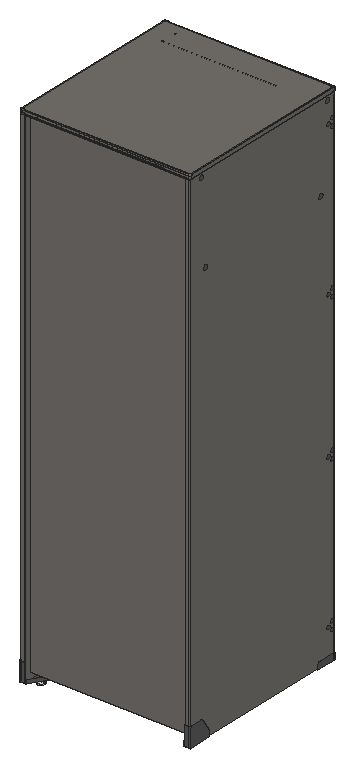
Revit family "Marco - Instrument Storage (BS156) - Copy", category Furniture, Revit 2020
Family settings
  OmniClass Number = 23.40.20.00
  OmniClass Title = General Furniture and Specialties
  Work Plane-Based = No
  Always vertical = Yes
  Cut with Voids When Loaded = No
  Shared = No
  Room Calculation Point = No
Parameters (values of type "BS156-4")
  Width calc = 27.441"
  Width [instance] = if(Width calc < 22.000", 22.000", 27.750")  # 27.750"
  Shelf Type = Marco - Instrument Storage Shelf : Marco - Instrument Storage Shelf
  Door Type = Marco - Instrumental Storage Door : Marco - Individual steel door
  URL = "https://www.madebymarco.net/product-category/bandstor/instrument-storage/"
  Support Beam Width = 27.666"
  Model = "Marco - BS156-4"
  Manufacturer = "Marco Group"
  Laminate Finishes [instance] = Marco - Laminate Finish_Asian Night
  Height (calc) = 83.976"
  Height [instance] = 84.000"  # constant formula
  Depth (calc) = 29.134"
  Depth [instance] = 29.250"  # constant formula
  Default Elevation = 0.000"
Reference planes (in)
  plane 1 "Center Front/Back": y = 0
  plane 2: z = 0
  plane 3 "Center Left/Right": x = 0
  plane 4: z = 83.22835
  plane 5: z = 83.976
  plane 6: x = 13.7205
  plane 7: x = -13.7205
  plane 8: y = -14.567
  plane 9: y = 14.567
  plane 10: x = 13.00003
  plane 11: x = -13.0005
Forms (in)
  Sweep 1, solid, material "Marco - Laminate Finish_Asian Night" <- "Laminate Finishes"
    path origin (0, 0.00006, -2.25) x (-1, 0, 0) y (0, -1, 0)
      loop
        line (-13.7205, 14.45906) -> (-13.7205, -14.45882)
        arc (-13.7205, -14.45882) -> (-13.68883, -14.53527) -> (-13.61238, -14.56694) r 0.10812
        line (-13.61238, -14.56694) -> (13.6125, -14.56694)
        arc (13.6125, -14.56694) -> (13.68887, -14.53531) -> (13.7205, -14.45894) r 0.108
        line (13.7205, -14.45894) -> (13.7205, 14.45906)
        arc (13.7205, 14.45906) -> (13.68887, 14.53543) -> (13.6125, 14.56706) r 0.108
        line (13.6125, 14.56706) -> (-13.6125, 14.56706)
        arc (-13.6125, 14.56706) -> (-13.68887, 14.53543) -> (-13.7205, 14.45906) r 0.108
    profile origin (13.7205, -0.00006, -2.25) x (-1, 0, 0) y (0, 0, 1)
      loop
        arc (0, 86.226) -> (-0.08352, 86.19141) -> (-0.11811, 86.10789) r 0.11811
        line (-0.11811, 86.10789) -> (-0.11811, 85.59646)
        arc (-0.11811, 85.59646) -> (-0.08352, 85.51294) -> (0, 85.47835) r 0.11811
        line (0, 85.47835) -> (0, 86.226)
  Extrusion 2, solid, material "Marco - Laminate Finish_Asian Night" <- "Laminate Finishes"
    sketch origin (0, 30.00006, 2.75) x (-1, 0, 0) y (0, -1, 0)
      loop
        arc (-13.7205, 15.54118) -> (-13.68883, 15.46473) -> (-13.61238, 15.43306) r 0.10812
        line (-13.61238, 15.43306) -> (13.6125, 15.43306)
        arc (13.6125, 15.43306) -> (13.68887, 15.46469) -> (13.7205, 15.54106) r 0.108
        line (13.7205, 15.54106) -> (13.7205, 44.45906)
        arc (13.7205, 44.45906) -> (13.68887, 44.53543) -> (13.6125, 44.56706) r 0.108
        line (13.6125, 44.56706) -> (-13.6125, 44.56706)
        arc (-13.6125, 44.56706) -> (-13.68887, 44.53543) -> (-13.7205, 44.45906) r 0.108
        line (-13.7205, 44.45906) -> (-13.7205, 15.54118)
    from 80.47835 to 81.226
  Extrusion 3, solid, material "Marco - Laminate Finish_Asian Night" <- "Laminate Finishes"
    sketch origin (-0.0275, -3, -0.1063) x (1, 0, 0) y (0, 1, 0)
      loop
        line (-13.7205, 17.567) -> (-13.7205, -11.567) -> (-12.973, -11.567) -> (-12.973, 17.567) -> (-13.7205, 17.567)
    from 0.81496 to 83.33465
  Extrusion 4, solid, material "Marco - Laminate Finish_Asian Night" <- "Laminate Finishes"
    sketch origin (0, 0, 0) x (-1, 0, 0) y (0, -1, 0)
      loop
        line (-13.74806, -14.567) -> (-13.00003, -14.567) -> (-13.00003, 14.567) -> (-13.74806, 14.567) -> (-13.74806, -14.567)
    from 0.70866 to 83.22835
  Sweep 5, solid, material "Marco - Laminate Finish_Asian Night" <- "Laminate Finishes"
    path origin (-0.01569, 0.88577, 0) x (0, 1, 0) y (0, 0, 1)
      loop
        line (13.68123, 83.22835) -> (13.68123, 0.70866)
    profile origin (-0.01569, 14.567, 41.9685) x (1, 0, 0) y (0, 1, 0)
      loop
        line (-13.73231, 0) -> (-12.98481, 0)
        arc (-12.98481, 0) -> (-13.01531, 0.08312) -> (-13.09664, 0.11811) r 0.112
        line (-13.09664, 0.11811) -> (-13.62048, 0.11811)
        arc (-13.62048, 0.11811) -> (-13.70181, 0.08312) -> (-13.73231, 0) r 0.112
  Extrusion 6, solid, material "Marco - Laminate Finish_Asian Night" <- "Laminate Finishes"
    sketch origin (0, 0, 0) x (1, 0, 0) y (0, 1, 0)
      loop
        line (13.00003, -13.18905) -> (-13.0005, -13.18905) -> (-13.0005, -13.81897) -> (13.00003, -13.81897) -> (13.00003, -13.18905)
    from 1.92913 to 83.22835
  Sweep 7, solid, material "Marco - Laminate Finish_Asian Night" <- "Laminate Finishes"
    path origin (23.73534, 0.88577, 0) x (0, 1, 0) y (0, 0, 1)
      loop
        line (13.68123, 83.22835) -> (13.68123, 0.70866)
    profile origin (23.73534, 14.567, 41.9685) x (1, 0, 0) y (0, 1, 0)
      loop
        line (-10.73531, 0) -> (-9.98728, 0)
        arc (-9.98728, 0) -> (-10.01779, 0.08312) -> (-10.09911, 0.11811) r 0.112
        line (-10.09911, 0.11811) -> (-10.62348, 0.11811)
        arc (-10.62348, 0.11811) -> (-10.70481, 0.08312) -> (-10.73531, 0) r 0.112
  Sweep 8, solid, material "Marco - Laminate Finish_Asian Night" <- "Laminate Finishes"
    path origin (2.98131, -0.88577, 0) x (0, -1, 0) y (0, 0, -1)
      loop
        line (13.68123, -83.22835) -> (13.68123, -0.70866)
    profile origin (2.98131, -14.567, 41.9685) x (1, 0, 0) y (0, 1, 0)
      loop
        arc (-16.72931, 0) -> (-16.69881, -0.08312) -> (-16.61748, -0.11811) r 0.112
        line (-16.61748, -0.11811) -> (-16.09364, -0.11811)
        arc (-16.09364, -0.11811) -> (-16.01231, -0.08312) -> (-15.98181, 0) r 0.112
        line (-15.98181, 0) -> (-16.72931, 0)
  Sweep 9, solid, material "Marco - Laminate Finish_Asian Night" <- "Laminate Finishes"
    path origin (23.73534, -0.88577, 0) x (0, -1, 0) y (0, 0, -1)
      loop
        line (13.68123, -83.22835) -> (13.68123, -0.70866)
    profile origin (23.73534, -14.567, 41.9685) x (1, 0, 0) y (0, 1, 0)
      loop
        arc (-10.73531, 0) -> (-10.70481, -0.08312) -> (-10.62348, -0.11811) r 0.112
        line (-10.62348, -0.11811) -> (-10.09911, -0.11811)
        arc (-10.09911, -0.11811) -> (-10.01779, -0.08312) -> (-9.98728, 0) r 0.112
        line (-9.98728, 0) -> (-10.73531, 0)
Dimensions and locks (in)
  locked: plane 5 to plane 4 at 0.74765
  locked: Sweep 1 sketch curve to Sweep 1 sketch curve at 0.11811
  equal spacing: plane 6, plane 3 "Center Left/Right", plane 7
  "Width calc": plane 6 to plane 7
  "Height (calc)": plane 5 to level
  equal spacing: plane 9, plane 1 "Center Front/Back", plane 8
  "Depth (calc)": plane 9 to plane 8
  plane 8 to Extrusion 4 = 0.000"  (x2)
  Extrusion 4 to plane 9 = 0.000"
  plane 9 to plane 8 = 29.134"
  plane 4 to plane 5 = 0.74765"
  equal spacing: Sweep 9 sketch curve, Sweep 9 sketch curve, Sweep 9 sketch curve
  locked: plane 8 to nested 3 at 0.23622
  locked: plane 8 to nested 4 at 0.23622
  locked: plane 9 to nested 6 at 3.30723
  locked: plane 9 to nested 5 at 3.30723
  locked: nested 5 to plane 7 at 0.12593
  locked: plane 6 to nested 6 at 0.12598
  locked: nested 3 to plane 7 at 0.12593
  locked: plane 6 to nested 4 at 0.12598
  nested 3 to nested 4 = 25.96063"
  Sweep 7 sketch curve to Sweep 7 sketch curve to Sweep 7 sketch curve to plane 6 to Sweep 7 sketch curve = 0.11183" locked, 0.52437" locked, 0.08427" locked, 0.02756" locked
  Sweep 9 sketch curve to Sweep 9 sketch curve to Sweep 9 sketch curve to plane 6 to Sweep 9 sketch curve = 0.11183" locked, 0.52437" locked, 0.08427" locked, 0.02756" locked
  nested 5 to nested 6 = 27.69291"
  Extrusion 4 to Extrusion 3 = 26.00053"  (x2)
  Extrusion 4 to plane 6 to Extrusion 4 = 0.72047" locked, 0.02756" locked
  locked: plane 10 to plane 6 at 0.72047
  Sweep 5 sketch curve to plane 7 to Sweep 5 sketch curve to Sweep 5 sketch curve to Sweep 5 sketch curve = 0.0275" locked, 0.08433" locked, 0.52384" locked, 0.11183" locked
  Sweep 8 sketch curve to plane 7 to Sweep 8 sketch curve to Sweep 8 sketch curve to Sweep 8 sketch curve = 0.0275" locked, 0.08433" locked, 0.52384" locked, 0.11183" locked
  locked: plane 7 to plane 11 at 0.72
  radius of Extrusion 2 sketch curve = 0.108"  (x3)
  radius of Extrusion 2 sketch curve = 0.10812"
  radius of Sweep 1 sketch curve = 0.10812"
  radius of Sweep 1 sketch curve = 0.108"  (x3)
  aligned and locked: level to plane 2
  aligned and locked: plane 4 to Extrusion 2
  aligned and locked: Extrusion 2 to plane 5
  aligned and locked: plane 6 to Extrusion 2 sketch curve
  aligned and locked: Extrusion 2 sketch curve to plane 7
  aligned and locked: plane 7 to Sweep 1 sketch curve
  aligned and locked: Sweep 1 sketch curve to plane 6
  aligned and locked: plane 5 to Sweep 1 sketch curve
  aligned and locked: Extrusion 6 to plane 4
  aligned and locked: Extrusion 2 sketch curve to plane 9
  aligned and locked: Sweep 1 sketch curve to plane 8
  aligned and locked: plane 8 to Extrusion 2 sketch curve
  aligned and locked: plane 9 to Sweep 1 sketch curve
  aligned and locked: Extrusion 3 to plane 4
  aligned and locked: Extrusion 4 to plane 4
  aligned and locked: plane 9 to Extrusion 4
  aligned and locked: plane 9 to Extrusion 3
  aligned and locked: Extrusion 3 to plane 8
  aligned and locked: Extrusion 4 to plane 8
  aligned and locked: Extrusion 6 to Extrusion 3
  aligned and locked: Extrusion 6 to Extrusion 4
  aligned and locked: Extrusion 3 to plane 11
Automatic sketch dimensions
  Sweep 1 sketch curve to profile plane = 0.000"
  Sweep 1 sketch curve to Sweep 1 sketch curve = 0.51143"
  Extrusion 3 sketch curve to plane 8 = 0.000"
  Extrusion 3 sketch curve to plane 9 = 0.000"
  plane 7 to Extrusion 3 sketch curve = 0.0275"
  Extrusion 3 sketch curve to plane 7 = 0.720"
  Extrusion 4 sketch curve to plane 8 = 0.000"
  Extrusion 4 sketch curve to plane 9 = 0.000"
  Extrusion 4 sketch curve to plane 6 = 0.02756"
  plane 6 to Extrusion 4 sketch curve = 0.72047"
  Sweep 5 sketch curve to plane 9 = 0.000"
  plane 4 to Sweep 5 sketch curve = 0.000"
  level to Sweep 5 sketch curve = 0.70866"
  Extrusion 6 sketch curve to plane 7 = 0.720"
  plane 6 to Extrusion 6 sketch curve = 0.72047"
  plane 8 to Extrusion 6 sketch curve = 0.74803"
  Extrusion 6 sketch curve to Extrusion 6 sketch curve = 0.62992"
  Sweep 7 sketch curve to plane 9 = 0.000"
  plane 4 to Sweep 7 sketch curve = 0.000"
  level to Sweep 7 sketch curve = 0.70866"
  profile plane to Sweep 7 sketch curve = 0.000"
  Sweep 8 sketch curve to plane 8 = 0.000"
  plane 4 to Sweep 8 sketch curve = 0.000"
  level to Sweep 8 sketch curve = 0.70866"
  Sweep 9 sketch curve to plane 8 = 0.000"
  plane 4 to Sweep 9 sketch curve = 0.000"
  level to Sweep 9 sketch curve = 0.70866"
  profile plane to Sweep 9 sketch curve = 0.000"
  profile plane to Sweep 9 sketch curve = 0.00611"
  Sweep 7 sketch curve to profile plane = 0.00611"
  profile plane to Sweep 5 sketch curve = 0.000"
  Sweep 5 sketch curve to profile plane = 0.00611"
  profile plane to Sweep 8 sketch curve = 0.000"
  profile plane to Sweep 8 sketch curve = 0.00611"
Nested families (in)
  nested 1: "Marco - Folio Cabinets Support Beam" at (0, 11.69317, 0.67563), type "Marco - Folio Cabinets Support Beam"
  nested 2: "Marco - Folio Cabinets Support Beam" at (0, -11.41667, 0.67563), type "Marco - Folio Cabinets Support Beam"
  nested 3: "Marco - Folio Cabinets Back Adjustable Leveler" at (-12.21276, -12.41609, 0), type "Marco - Folio Cabinets Back Adjustable Leveler"
  nested 4: "Marco - Folio Cabinets Back Adjustable Leveler" at (12.21281, -12.41609, 0) x (-1, 0, 0) z (0, 0, 1), type "Marco - Folio Cabinets Back Adjustable Leveler"
  nested 5: "Marco - Folio Cabinets Front Adjustable Leveler" at (-12.21257, 12.59835, 0), type "Marco - Folio Cabinets Front Adjustable Leveler"
  nested 6: "Marco - Folio Cabinets Front Adjustable Leveler" at (12.21263, 12.59835, 0) x (-1, 0, 0) z (0, 0, 1), type "Marco - Folio Cabinets Front Adjustable Leveler"
  nested 7: "Marco - Folio Cabinets Support Beam" at (0, 13.11006, 81.97484), type "Marco - Folio Cabinets Support Beam"
  nested 8: "Marco - Folio Cabinets Support Beam" at (0, -12.43923, 81.97484), type "Marco - Folio Cabinets Support Beam"
  nested 9: "Marco - Folio Cabinets Support Beam" at (0, 11.77075, 68.58901), type "Marco - Folio Cabinets Support Beam"
  nested 10: "Marco - Folio Cabinets Support Beam" at (0, -11.653, 68.58901), type "Marco - Folio Cabinets Support Beam"
  nested 11: "Marco - Instrument Storage Shelf" at (0, -5.94839, 69.84252), type <- "Shelf Type", type "Marco - Instrument Storage Shelf"
  nested 12: "Marco - Instrument Storage Shelf" at (0, -5.94839, 1.92913), type <- "Shelf Type", type "Marco - Instrument Storage Shelf"
  nested 13: "Marco - Instrumental Storage Door" at (-0.01614, 14.0393, 42.49989) x (-1, 0, 0) z (0, 0, 1), type <- "Door Type", type "Marco - Individual steel door"
Definition of nested family "Marco - Folio Cabinets Support Beam"
  Parameters (values of type "Marco - Folio Cabinets Support Beam")
    Width = 27.666"
    Material = none
    Default Elevation = 0.000"
  Reference planes (in)
    plane 1 "Center (Front/Back)": y = 0
    plane 2: z = 0
    plane 3 "Center (Left/Right)": x = 0
    plane 4: x = -13.833
    plane 5: x = 13.833
  Forms (in)
    Extrusion 1, solid, material <- "Material"
      sketch origin (-2.33239, 6.41809, -0.6754) x (0, 1, 0) y (0, 0, -1)
        loop
          circle (-6.41809, -1.29921) r 0.332
      from -16.16539 to -15.24736
    Extrusion 2, solid, material <- "Material"
      sketch origin (-1.49936, -5.24732, -30.67237) x (0, 1, 0) y (0, 0, 1)
        loop
          circle (5.24732, 31.29618) r 0.62381
      from -11.41561 to 14.41433
    Extrusion 3, solid, material <- "Material"
      sketch origin (2.33239, 6.41809, -0.6754) x (0, 1, 0) y (0, 0, 1)
        loop
          circle (-6.41809, 1.29921) r 0.332
      from -16.16539 to -15.24736
  Dimensions and locks (in)
    locked: Extrusion 3 to Extrusion 2 at 0.91803
    locked: Extrusion 2 to Extrusion 1 at 0.91803
    equal spacing: plane 4, plane 3 "Center (Left/Right)", plane 5
    locked: Extrusion 3 to Extrusion 3 at 0.91803
    locked: Extrusion 1 to Extrusion 1 at 0.91803
    "Width": plane 4 to plane 5
    aligned and locked: plane 2 to level
    aligned and locked: plane 5 to Extrusion 1
    aligned and locked: Extrusion 3 to plane 4
  Automatic sketch dimensions
    Extrusion 1 sketch curve to plane 1 "Center (Front/Back)" = 0.000"
    Extrusion 2 sketch curve to plane 1 "Center (Front/Back)" = 0.000"
    level to Extrusion 2 sketch curve = 0.62381"
    Extrusion 3 sketch curve to plane 1 "Center (Front/Back)" = 0.000"
    level to Extrusion 1 sketch curve = 0.62381"
    level to Extrusion 3 sketch curve = 0.62381"
    radius of Extrusion 1 sketch curve = 0.332"
    radius of Extrusion 2 sketch curve = 0.62381"
    radius of Extrusion 3 sketch curve = 0.332"
Definition of nested family "Marco - Folio Cabinets Back Adjustable Leveler"
  Parameters (values of type "Marco - Folio Cabinets Back Adjustable Leveler")
    Material = none
    Leg Material = none
    Default Elevation = 0.000"
  Reference planes (in)
    plane 1 "Center (Front/Back)": y = 0
    plane 2: z = 0
    plane 3 "Center (Left/Right)": x = 0
  Forms (in)
    Extrusion 1, solid, material <- "Material"
      sketch origin (14.31501, 7.41602, 0) x (0, 1, 0) y (0, 0, 1)
        loop
          line (-9.80315, 3.72047) -> (-9.80315, 0.70866) -> (-9.66702, 0.70866) -> (-9.66702, 0.57087) -> (-5.94488, 0.57087) -> (-5.94488, 1.34291)
          arc (-5.94488, 1.34291) -> (-5.96268, 1.47135) -> (-6.01472, 1.59012) r 0.47244
          line (-6.01472, 1.59012) -> (-7.18454, 3.49524)
          arc (-7.18454, 3.49524) -> (-7.35648, 3.66034) -> (-7.58714, 3.72047) r 0.47244
          line (-7.58714, 3.72047) -> (-9.80315, 3.72047)
      from -15.94868 to -13.35146
    Extrusion 2, void
      sketch origin (14.31501, 7.41602, 0) x (1, 0, 0) y (0, 1, 0)
        loop
          arc (-13.48425, -6.92796) -> (-13.44777, -7.04399) -> (-13.35146, -7.11828) r 0.20278
          line (-13.35146, -7.11828) -> (-14.84475, -9.70472) -> (-14.94746, -9.70472) -> (-15.00429, -9.80315) -> (-15.7476, -9.80315)
          arc (-15.7476, -9.80315) -> (-15.88979, -9.74426) -> (-15.94868, -9.60207) r 0.20108
          line (-15.94868, -9.60207) -> (-15.94868, -9.37591) -> (-16.1001, -9.37591) -> (-16.1001, -10.05449) -> (-13.15335, -10.05449) -> (-13.15335, -5.94488) -> (-13.72047, -5.94488)
          arc (-13.72047, -5.94488) -> (-13.55344, -6.01407) -> (-13.48425, -6.1811) r 0.23622
          line (-13.48425, -6.1811) -> (-13.48425, -6.92796)
      from 0.57087 to 3.72047
    Extrusion 3, void
      sketch origin (14.21278, 7.41602, 0) x (1, 0, 0) y (0, 1, 0)
        loop
          line (-15.671, -9.70472) -> (-14.98031, -9.70472) -> (-14.98031, -9.80315) -> (-14.90207, -9.80315) -> (-13.4367, -7.26506) -> (-13.4367, -5.94488) -> (-15.74803, -5.94488) -> (-15.74803, -9.62769)
          arc (-15.74803, -9.62769) -> (-15.72547, -9.68216) -> (-15.671, -9.70472) r 0.07703
      from 0.66929 to 3.72047
    Extrusion 4, void
      sketch origin (17.21278, 7.41602, 0) x (0, 1, 0) y (0, 0, 1)
        loop
          line (-6.99295, 0.66929) -> (-5.94488, 0.66929) -> (-5.94488, 3.72047) -> (-9.70472, 3.72047) -> (-9.70472, 1.16142) -> (-7.15429, 1.16142)
          arc (-7.15429, 1.16142) -> (-7.09402, 1.12053) -> (-7.06906, 1.05209) r 0.11845
          line (-7.06906, 1.05209) -> (-7.06906, 0.74803)
          arc (-7.06906, 0.74803) -> (-7.04607, 0.6941) -> (-6.99295, 0.66929) r 0.08203
      from -18.7095 to -16.14945
    Extrusion 5, void
      sketch origin (-0.51957, -0.30052, 0) x (1, 0, 0) y (0, 1, 0)
        loop
          line (-0.90012, -1.98819) -> (-0.20943, -1.98819) -> (-0.20943, -2.08661) -> (-0.13118, -2.08661) -> (1.44989, 0.65188) -> (1.44989, 1.77165) -> (-0.97715, 1.77165) -> (-0.97715, -1.91116)
          arc (-0.97715, -1.91116) -> (-0.95459, -1.96563) -> (-0.90012, -1.98819) r 0.07703
      from 0.66929 to 3.72047
    Revolve 6, solid, material <- "Leg Material"
      sketch origin (-12.51975, 0, 0) x (1, 0, 0) y (0, 0, 1)
        loop
          line (11.9292, 0.05512) -> (11.9292, 0) -> (12.51975, 0) -> (12.51975, 2.3622) -> (12.33974, 2.3622) -> (12.33974, 0.23622) -> (12.26535, 0.23622) -> (12.08424, 0.05512) -> (11.9292, 0.05512)
        axis (12.51975, 0) -> (12.51975, 2.3622)
      angle from 0 to 360
  Cuts and joins
    Extrusion 2, Extrusion 3, Extrusion 4, Extrusion 5 cuts Extrusion 1
  Dimensions and locks (in)
    aligned and locked: plane 2 to level
Definition of nested family "Marco - Folio Cabinets Front Adjustable Leveler"
  Parameters (values of type "Marco - Folio Cabinets Front Adjustable Leveler")
    Material = none
    Leg Material = none
    Default Elevation = 0.000"
  Reference planes (in)
    plane 1 "Center (Front/Back)": y = 0
    plane 2: z = 0
    plane 3 "Center (Left/Right)": x = 0
  Forms (in)
    Extrusion 1, solid, material <- "Material"
      sketch origin (12.7126, -7.59843, -0.07087) x (0, 1, 0) y (0, 0, 1)
        loop
          line (6.25984, 0.64173) -> (9.56693, 0.64173) -> (9.56693, 1.54527)
          arc (9.56693, 1.54527) -> (9.49716, 1.7137) -> (9.32874, 1.78346) r 0.23819
          line (9.32874, 1.78346) -> (6.49606, 1.78346)
          arc (6.49606, 1.78346) -> (6.33882, 1.72419) -> (6.25984, 1.57587) r 0.23819
          line (6.25984, 1.57587) -> (6.25984, 0.64173)
      from -14.34646 to -11.85146
    Extrusion 2, void
      sketch origin (14.2126, -7.59843, 0) x (1, 0, 0) y (0, 1, 0)
        loop
          line (-13.38728, 7.37374) -> (-13.48425, 7.18325) -> (-13.48425, 6.49544)
          arc (-13.48425, 6.49544) -> (-13.55326, 6.32885) -> (-13.71985, 6.25984) r 0.23559
          line (-13.71985, 6.25984) -> (-15.84646, 6.25984) -> (-15.84646, 6.14799) -> (-13.35146, 6.14799) -> (-13.35146, 9.78567) -> (-15.84646, 9.78567) -> (-15.84646, 9.68504) -> (-14.90157, 9.68504) -> (-13.38728, 7.37374)
      from 0 to 1.7126
    Extrusion 3, void
      sketch origin (14.2126, -7.59843, 0) x (0, 1, 0) y (0, 0, 1)
        loop
          arc (9.16478, 1.16142) -> (9.29324, 1.09448) -> (9.3863, 0.98347) r 0.37121
          line (9.3863, 0.98347) -> (9.68504, 0.43836) -> (9.68504, 1.7126) -> (6.25984, 1.7126) -> (6.25984, 0.70866) -> (7.37374, 0.70866) -> (7.37374, 1.05356)
          arc (7.37374, 1.05356) -> (7.40533, 1.12983) -> (7.4816, 1.16142) r 0.10785
          line (7.4816, 1.16142) -> (9.16478, 1.16142)
      from -15.74803 to -12.40705
    Extrusion 4, void
      sketch origin (14.2126, -7.59843, 0) x (1, 0, 0) y (0, 1, 0)
        loop
          line (-13.48425, 6.25984) -> (-13.48425, 7.34216) -> (-14.94186, 9.56693) -> (-15.74803, 9.56693) -> (-15.74803, 6.25984) -> (-13.48425, 6.25984)
      from 0.70866 to 1.7126
    Revolve 5, solid, material <- "Leg Material"
      sketch origin (0, -7.59843, 0) x (0, 1, 0) y (0, 0, 1)
        loop
          line (8.18898, 0.05512) -> (8.03394, 0.05512) -> (7.85283, 0.23622) -> (7.77844, 0.23622) -> (7.77844, 2.3622) -> (7.59843, 2.3622) -> (7.59843, 0) -> (8.18898, 0) -> (8.18898, 0.05512)
        axis (7.59843, 0) -> (7.59843, 2.3622)
      angle from 0 to 360
  Cuts and joins
    Extrusion 2, Extrusion 3, Extrusion 4 cuts Extrusion 1
  Dimensions and locks (in)
    aligned and locked: plane 2 to level
Definition of nested family "Marco - Instrument Storage Shelf"
  Parameters (values of type "Marco - Instrument Storage Shelf")
    Width = 25.894"
    Shelf = none
    Laminate Finishes = none
    Default Elevation = 0.000"
    26.000 = yes
  Types (2): name | Width | 26.000
    Marco - Instrument Storage Shelf | 25.894" | yes
    Marco - Instrument Storage Shelf N type | 20.001" | no
  Reference planes (in)
    plane 1 "Center (Front/Back)": y = 0
    plane 2: z = 0
    plane 3 "Center (Left/Right)": x = 0
    plane 4: x = -12.947
    plane 5: x = 12.947
  Forms (in)
    Extrusion 1, solid, material <- "Shelf"
      sketch origin (-28.96212, 42.51723, -65.88405) x (0, -1, 0) y (0, 0, 1)
        loop
          arc (23.1102, 66.72263) -> (23.02668, 66.68804) -> (22.99209, 66.60452) r 0.11811
          line (22.99209, 66.60452) -> (22.99209, 66.00216) -> (23.10434, 66.00216) -> (23.10434, 66.63216) -> (25.56905, 66.63216) -> (24.98917, 67.08521) -> (24.427, 67.08521)
          arc (24.427, 67.08521) -> (24.35841, 67.0568) -> (24.33, 66.98821) r 0.097
          line (24.33, 66.98821) -> (24.33, 66.86663)
          arc (24.33, 66.86663) -> (24.28782, 66.76481) -> (24.186, 66.72263) r 0.144
          line (24.186, 66.72263) -> (23.1102, 66.72263)
      from -41.90912 to -16.01512
    Extrusion 2, solid, material <- "Laminate Finishes"
      sketch origin (-25.02978, 31.53223, -18.03805) x (-1, 0, 0) y (0, -1, 0)
        loop
          line (-37.97678, 39.12698) -> (-37.97678, 12.11934) -> (-12.08278, 12.11934) -> (-12.08278, 39.12698) -> (-37.97678, 39.12698)
      from 18.03805 to 18.78608
    Extrusion 3, solid, material <- "Shelf"
      sketch origin (19.95602, 7.57183, -81.38495) x (0, -1, 0) y (0, 0, 1)
        loop
          line (-10.67878, 81.29834) -> (-11.8352, 81.29834)
          arc (-11.8352, 81.29834) -> (-11.91872, 81.33293) -> (-11.95331, 81.41645) r 0.11811
          line (-11.95331, 81.41645) -> (-11.95331, 82.10543)
          arc (-11.95331, 82.10543) -> (-11.91872, 82.18894) -> (-11.8352, 82.22354) r 0.11811
          line (-11.8352, 82.22354) -> (-10.72544, 82.22354) -> (-10.72544, 82.34148) -> (-11.15122, 82.34148)
          arc (-11.15122, 82.34148) -> (-11.20601, 82.32168) -> (-11.26079, 82.34148) r 0.08568
          line (-11.26079, 82.34148) -> (-11.31001, 82.34148)
          arc (-11.31001, 82.34148) -> (-11.36479, 82.32168) -> (-11.41957, 82.34148) r 0.08568
          line (-11.41957, 82.34148) -> (-11.46595, 82.34148)
          arc (-11.46595, 82.34148) -> (-11.52074, 82.32168) -> (-11.57552, 82.34148) r 0.08568
          line (-11.57552, 82.34148) -> (-11.83448, 82.34148)
          arc (-11.83448, 82.34148) -> (-12.00202, 82.27209) -> (-12.07142, 82.10454) r 0.23694
          line (-12.07142, 82.10454) -> (-12.07142, 82.05066)
          arc (-12.07142, 82.05066) -> (-12.05162, 81.99588) -> (-12.07142, 81.9411) r 0.08568
          line (-12.07142, 81.9411) -> (-12.07142, 81.89188)
          arc (-12.07142, 81.89188) -> (-12.05162, 81.83709) -> (-12.07142, 81.78231) r 0.08568
          line (-12.07142, 81.78231) -> (-12.07142, 81.73593)
          arc (-12.07142, 81.73593) -> (-12.05162, 81.68115) -> (-12.07142, 81.62636) r 0.08568
          line (-12.07142, 81.62636) -> (-12.07142, 81.41514)
          arc (-12.07142, 81.41514) -> (-12.00262, 81.24903) -> (-11.83651, 81.18023) r 0.23491
          line (-11.83651, 81.18023) -> (-10.67878, 81.18023) -> (-10.67878, 81.29834)
      from 7.00902 to 32.90302
    Extrusion 4, solid, material <- "Shelf"
      sketch origin (0, 0, 0) x (1, 0, 0) y (0, 0, 1)
        loop
          line (-10.0005, 0.74811) -> (10.0005, 0.74811) -> (10.0005, 0.93815)
          arc (10.0005, 0.93815) -> (9.90117, 0.86463) -> (9.78036, 0.83858) r 0.29314
          line (9.78036, 0.83858) -> (9.57302, 0.83858)
          arc (9.57302, 0.83858) -> (9.4065, 0.89047) -> (9.29893, 1.02776) r 0.29314
          arc (9.29893, 1.02776) -> (9.20502, 1.14762) -> (9.05965, 1.19291) r 0.25591
          line (9.05965, 1.19291) -> (8.79766, 1.19291)
          arc (8.79766, 1.19291) -> (8.6523, 1.14762) -> (8.55839, 1.02776) r 0.25591
          arc (8.55839, 1.02776) -> (8.45082, 0.89047) -> (8.2843, 0.83858) r 0.29314
          line (8.2843, 0.83858) -> (8.07696, 0.83858)
          arc (8.07696, 0.83858) -> (7.91044, 0.89047) -> (7.80287, 1.02776) r 0.29314
          arc (7.80287, 1.02776) -> (7.70896, 1.14762) -> (7.56359, 1.19291) r 0.25591
          line (7.56359, 1.19291) -> (7.30283, 1.19291)
          arc (7.30283, 1.19291) -> (7.15746, 1.14762) -> (7.06355, 1.02776) r 0.25591
          arc (7.06355, 1.02776) -> (6.95598, 0.89047) -> (6.78946, 0.83858) r 0.29314
          line (6.78946, 0.83858) -> (6.58212, 0.83858)
          arc (6.58212, 0.83858) -> (6.4156, 0.89047) -> (6.30803, 1.02776) r 0.29314
          arc (6.30803, 1.02776) -> (6.21412, 1.14762) -> (6.06876, 1.19291) r 0.25591
          line (6.06876, 1.19291) -> (5.80677, 1.19291)
          arc (5.80677, 1.19291) -> (5.6614, 1.14762) -> (5.56749, 1.02776) r 0.25591
          arc (5.56749, 1.02776) -> (5.45992, 0.89047) -> (5.2934, 0.83858) r 0.29314
          line (5.2934, 0.83858) -> (5.08606, 0.83858)
          arc (5.08606, 0.83858) -> (4.91954, 0.89047) -> (4.81197, 1.02776) r 0.29314
          arc (4.81197, 1.02776) -> (4.71806, 1.14762) -> (4.57269, 1.19291) r 0.25591
          line (4.57269, 1.19291) -> (4.31193, 1.19291)
          arc (4.31193, 1.19291) -> (4.16656, 1.14762) -> (4.07265, 1.02776) r 0.25591
          arc (4.07265, 1.02776) -> (3.96508, 0.89047) -> (3.79856, 0.83858) r 0.29314
          line (3.79856, 0.83858) -> (3.59122, 0.83858)
          arc (3.59122, 0.83858) -> (3.4247, 0.89047) -> (3.31713, 1.02776) r 0.29314
          arc (3.31713, 1.02776) -> (3.22322, 1.14762) -> (3.07786, 1.19291) r 0.25591
          line (3.07786, 1.19291) -> (2.81587, 1.19291)
          arc (2.81587, 1.19291) -> (2.6705, 1.14762) -> (2.57659, 1.02776) r 0.25591
          arc (2.57659, 1.02776) -> (2.46902, 0.89047) -> (2.3025, 0.83858) r 0.29314
          line (2.3025, 0.83858) -> (2.09516, 0.83858)
          arc (2.09516, 0.83858) -> (1.92864, 0.89047) -> (1.82107, 1.02776) r 0.29314
          arc (1.82107, 1.02776) -> (1.72716, 1.14762) -> (1.58179, 1.19291) r 0.25591
          line (1.58179, 1.19291) -> (1.32103, 1.19291)
          arc (1.32103, 1.19291) -> (1.17566, 1.14762) -> (1.08175, 1.02776) r 0.25591
          arc (1.08175, 1.02776) -> (0.97418, 0.89047) -> (0.80766, 0.83858) r 0.29314
          line (0.80766, 0.83858) -> (0, 0.83858) -> (-0.80766, 0.83858)
          arc (-0.80766, 0.83858) -> (-0.97418, 0.89047) -> (-1.08175, 1.02776) r 0.29314
          arc (-1.08175, 1.02776) -> (-1.17566, 1.14762) -> (-1.32103, 1.19291) r 0.25591
          line (-1.32103, 1.19291) -> (-1.58179, 1.19291)
          arc (-1.58179, 1.19291) -> (-1.72716, 1.14762) -> (-1.82107, 1.02776) r 0.25591
          arc (-1.82107, 1.02776) -> (-1.92864, 0.89047) -> (-2.09516, 0.83858) r 0.29314
          line (-2.09516, 0.83858) -> (-2.3025, 0.83858)
          arc (-2.3025, 0.83858) -> (-2.46902, 0.89047) -> (-2.57659, 1.02776) r 0.29314
          arc (-2.57659, 1.02776) -> (-2.6705, 1.14762) -> (-2.81587, 1.19291) r 0.25591
          line (-2.81587, 1.19291) -> (-3.07786, 1.19291)
          arc (-3.07786, 1.19291) -> (-3.22322, 1.14762) -> (-3.31713, 1.02776) r 0.25591
          arc (-3.31713, 1.02776) -> (-3.4247, 0.89047) -> (-3.59122, 0.83858) r 0.29314
          line (-3.59122, 0.83858) -> (-3.79856, 0.83858)
          arc (-3.79856, 0.83858) -> (-3.96508, 0.89047) -> (-4.07265, 1.02776) r 0.29314
          arc (-4.07265, 1.02776) -> (-4.16656, 1.14762) -> (-4.31193, 1.19291) r 0.25591
          line (-4.31193, 1.19291) -> (-4.57269, 1.19291)
          arc (-4.57269, 1.19291) -> (-4.71806, 1.14762) -> (-4.81197, 1.02776) r 0.25591
          arc (-4.81197, 1.02776) -> (-4.91954, 0.89047) -> (-5.08606, 0.83858) r 0.29314
          line (-5.08606, 0.83858) -> (-5.2934, 0.83858)
          arc (-5.2934, 0.83858) -> (-5.45992, 0.89047) -> (-5.56749, 1.02776) r 0.29314
          arc (-5.56749, 1.02776) -> (-5.6614, 1.14762) -> (-5.80677, 1.19291) r 0.25591
          line (-5.80677, 1.19291) -> (-6.06876, 1.19291)
          arc (-6.06876, 1.19291) -> (-6.21412, 1.14762) -> (-6.30803, 1.02776) r 0.25591
          arc (-6.30803, 1.02776) -> (-6.4156, 0.89047) -> (-6.58212, 0.83858) r 0.29314
          line (-6.58212, 0.83858) -> (-6.78946, 0.83858)
          arc (-6.78946, 0.83858) -> (-6.95598, 0.89047) -> (-7.06355, 1.02776) r 0.29314
          arc (-7.06355, 1.02776) -> (-7.15746, 1.14762) -> (-7.30283, 1.19291) r 0.25591
          line (-7.30283, 1.19291) -> (-7.56359, 1.19291)
          arc (-7.56359, 1.19291) -> (-7.70896, 1.14762) -> (-7.80287, 1.02776) r 0.25591
          arc (-7.80287, 1.02776) -> (-7.91044, 0.89047) -> (-8.07696, 0.83858) r 0.29314
          line (-8.07696, 0.83858) -> (-8.2843, 0.83858)
          arc (-8.2843, 0.83858) -> (-8.45082, 0.89047) -> (-8.55839, 1.02776) r 0.29314
          arc (-8.55839, 1.02776) -> (-8.6523, 1.14762) -> (-8.79766, 1.19291) r 0.25591
          line (-8.79766, 1.19291) -> (-9.05965, 1.19291)
          arc (-9.05965, 1.19291) -> (-9.20502, 1.14762) -> (-9.29893, 1.02776) r 0.25591
          arc (-9.29893, 1.02776) -> (-9.4065, 0.89047) -> (-9.57302, 0.83858) r 0.29314
          line (-9.57302, 0.83858) -> (-9.78036, 0.83858)
          arc (-9.78036, 0.83858) -> (-9.90117, 0.86463) -> (-10.0005, 0.93815) r 0.29314
          line (-10.0005, 0.93815) -> (-10.0005, 0.74811)
      from -17.99498 to 6.35675
    Extrusion 5, solid, material <- "Shelf", visible <- "26.000"
      sketch origin (0, 0, 0) x (1, 0, 0) y (0, 0, 1)
        loop
          line (-11.78856, 1.19291) -> (-12.05055, 1.19291)
          arc (-12.05055, 1.19291) -> (-12.19592, 1.14762) -> (-12.28983, 1.02776) r 0.25591
          arc (-12.28983, 1.02776) -> (-12.3974, 0.89047) -> (-12.56392, 0.83858) r 0.29314
          line (-12.56392, 0.83858) -> (-12.77126, 0.83858)
          arc (-12.77126, 0.83858) -> (-12.86387, 0.8536) -> (-12.947, 0.8971) r 0.29314
          line (-12.947, 0.8971) -> (-12.947, 0.74811) -> (-10.0005, 0.74811) -> (-10.0005, 0.93815)
          arc (-10.0005, 0.93815) -> (-10.0315, 0.98053) -> (-10.05445, 1.02776) r 0.29314
          arc (-10.05445, 1.02776) -> (-10.14836, 1.14762) -> (-10.29373, 1.19291) r 0.25591
          line (-10.29373, 1.19291) -> (-10.55449, 1.19291)
          arc (-10.55449, 1.19291) -> (-10.69986, 1.14762) -> (-10.79377, 1.02776) r 0.25591
          arc (-10.79377, 1.02776) -> (-10.90134, 0.89047) -> (-11.06786, 0.83858) r 0.29314
          line (-11.06786, 0.83858) -> (-11.2752, 0.83858)
          arc (-11.2752, 0.83858) -> (-11.44172, 0.89047) -> (-11.54929, 1.02776) r 0.29314
          arc (-11.54929, 1.02776) -> (-11.64319, 1.14762) -> (-11.78856, 1.19291) r 0.25591
      from -17.99498 to 6.35675
    Extrusion 6, solid, material <- "Shelf", visible <- "26.000"
      sketch origin (0, 0, 0) x (-1, 0, 0) y (0, 0, -1)
        loop
          arc (-11.78856, -1.19291) -> (-11.64319, -1.14762) -> (-11.54929, -1.02776) r 0.25591
          arc (-11.54929, -1.02776) -> (-11.44172, -0.89047) -> (-11.2752, -0.83858) r 0.29314
          line (-11.2752, -0.83858) -> (-11.06786, -0.83858)
          arc (-11.06786, -0.83858) -> (-10.90134, -0.89047) -> (-10.79377, -1.02776) r 0.29314
          arc (-10.79377, -1.02776) -> (-10.69986, -1.14762) -> (-10.55449, -1.19291) r 0.25591
          line (-10.55449, -1.19291) -> (-10.29373, -1.19291)
          arc (-10.29373, -1.19291) -> (-10.14836, -1.14762) -> (-10.05445, -1.02776) r 0.25591
          arc (-10.05445, -1.02776) -> (-10.0315, -0.98053) -> (-10.0005, -0.93815) r 0.29314
          line (-10.0005, -0.93815) -> (-10.0005, -0.74811) -> (-12.947, -0.74811) -> (-12.947, -0.8971)
          arc (-12.947, -0.8971) -> (-12.86387, -0.8536) -> (-12.77126, -0.83858) r 0.29314
          line (-12.77126, -0.83858) -> (-12.56392, -0.83858)
          arc (-12.56392, -0.83858) -> (-12.3974, -0.89047) -> (-12.28983, -1.02776) r 0.29314
          arc (-12.28983, -1.02776) -> (-12.19592, -1.14762) -> (-12.05055, -1.19291) r 0.25591
          line (-12.05055, -1.19291) -> (-11.78856, -1.19291)
      from -17.99498 to 6.35675
  Dimensions and locks (in)
    Extrusion 2 to Extrusion 3 = 27.238"
    equal spacing: plane 5, plane 3 "Center (Left/Right)", plane 4
    "Width": plane 5 to plane 4
    aligned and locked: plane 2 to level
    aligned and locked: Extrusion 1 to plane 4
    aligned and locked: Extrusion 3 to plane 4
    aligned and locked: Extrusion 2 to plane 4
    aligned and locked: plane 5 to Extrusion 1
    aligned and locked: plane 5 to Extrusion 3
    aligned and locked: plane 5 to Extrusion 2
  Automatic sketch dimensions
    level to Extrusion 1 sketch curve = 0.11811"
    Extrusion 1 sketch curve to plane 1 "Center (Front/Back)" = 19.52514"
    Extrusion 1 sketch curve to Extrusion 1 sketch curve = 0.11225"
    Extrusion 1 sketch curve to Extrusion 1 sketch curve = 0.00586"
    Extrusion 1 sketch curve to Extrusion 1 sketch curve = 1.0758"
    Extrusion 1 sketch curve to Extrusion 1 sketch curve = 0.144"
    Extrusion 1 sketch curve to Extrusion 1 sketch curve = 0.097"
    Extrusion 1 sketch curve to Extrusion 1 sketch curve = 0.56217"
    Extrusion 1 sketch curve to Extrusion 1 sketch curve = 0.57988"
    Extrusion 1 sketch curve to Extrusion 1 sketch curve = 0.60236"
    Extrusion 1 sketch curve to Extrusion 1 sketch curve = 0.02764"
    Extrusion 1 sketch curve to Extrusion 1 sketch curve = 0.12158"
    level to Extrusion 3 sketch curve = 0.45214"
    Extrusion 3 sketch curve to plane 1 "Center (Front/Back)" = 19.70913"
    Extrusion 3 sketch curve to Extrusion 3 sketch curve = 0.000"  (x2)
    Extrusion 3 sketch curve to Extrusion 3 sketch curve = 0.06588"  (x7)
    Extrusion 3 sketch curve to Extrusion 3 sketch curve = 0.11811"  (x2)
    Extrusion 3 sketch curve to level = 0.20472"
    Extrusion 3 sketch curve to Extrusion 3 sketch curve = 0.1168"
    Extrusion 3 sketch curve to level = 0.08661"
    Extrusion 3 sketch curve to Extrusion 3 sketch curve = 0.00131"
    Extrusion 3 sketch curve to Extrusion 3 sketch curve = 0.00072"
    Extrusion 3 sketch curve to Extrusion 3 sketch curve = 0.25896"
    Extrusion 3 sketch curve to Extrusion 3 sketch curve = 0.05478"  (x8)
    Extrusion 3 sketch curve to Extrusion 3 sketch curve = 0.04638"  (x2)
    Extrusion 3 sketch curve to Extrusion 3 sketch curve = 0.04922"  (x2)
    Extrusion 3 sketch curve to Extrusion 3 sketch curve = 0.42578"
    Extrusion 3 sketch curve to Extrusion 3 sketch curve = 0.04666"
    Extrusion 3 sketch curve to Extrusion 3 sketch curve = 0.21122"
    Extrusion 3 sketch curve to Extrusion 3 sketch curve = 0.05388"
    Extrusion 3 sketch curve to Extrusion 3 sketch curve = 0.00088"
    Extrusion 4 sketch curve to plane 3 "Center (Left/Right)" = 0.000"
    Extrusion 4 sketch curve to plane 3 "Center (Left/Right)" = 0.80766"
    Extrusion 4 sketch curve to Extrusion 4 sketch curve = 0.51336"  (x24)
    Extrusion 4 sketch curve to Extrusion 4 sketch curve = 0.26076"  (x6)
    Extrusion 4 sketch curve to Extrusion 4 sketch curve = 0.20734"  (x12)
    Extrusion 4 sketch curve to Extrusion 4 sketch curve = 0.26199"  (x6)
    Extrusion 4 sketch curve to Extrusion 4 sketch curve = 0.22014"  (x2)
    plane 3 "Center (Left/Right)" to Extrusion 4 sketch curve = 0.80766"
    level to Extrusion 4 sketch curve = 0.74811"
    level to Extrusion 4 sketch curve = 0.83858"  (x11)
    Extrusion 4 sketch curve to Extrusion 4 sketch curve = 0.09048"  (x2)
    Extrusion 4 sketch curve to Extrusion 4 sketch curve = 0.09842"  (x12)
    Extrusion 4 sketch curve to Extrusion 4 sketch curve = 0.000"  (x24)
    Extrusion 4 sketch curve to Extrusion 4 sketch curve = 0.19004"  (x2)
    Extrusion 4 sketch curve to Extrusion 4 sketch curve = 0.29314"  (x12)
    Extrusion 4 sketch curve to Extrusion 4 sketch curve = 0.25591"  (x12)
    Extrusion 2 sketch curve to plane 5 = 0.000"
    Extrusion 2 sketch curve to plane 4 = 0.000"
    Extrusion 2 sketch curve to plane 1 "Center (Front/Back)" = 19.41289"
    plane 1 "Center (Front/Back)" to Extrusion 2 sketch curve = 7.59475"
    Extrusion 5 sketch curve to plane 4 = 0.000"
    plane 4 to Extrusion 5 sketch curve = 0.17574"
    Extrusion 5 sketch curve to Extrusion 5 sketch curve = 0.20734"  (x2)
    Extrusion 5 sketch curve to Extrusion 5 sketch curve = 0.51336"  (x3)
    Extrusion 5 sketch curve to Extrusion 5 sketch curve = 0.26199"
    Extrusion 5 sketch curve to Extrusion 5 sketch curve = 0.26076"
    Extrusion 5 sketch curve to Extrusion 5 sketch curve = 0.29323"
    Extrusion 5 sketch curve to Extrusion 5 sketch curve = 0.22014"
    level to Extrusion 5 sketch curve = 0.74811"
    level to Extrusion 5 sketch curve = 0.83858"
    Extrusion 5 sketch curve to Extrusion 5 sketch curve = 0.09048"
    Extrusion 5 sketch curve to Extrusion 5 sketch curve = 0.14899"
    Extrusion 5 sketch curve to Extrusion 5 sketch curve = 0.18889"
    Extrusion 5 sketch curve to Extrusion 5 sketch curve = 0.09842"
    Extrusion 5 sketch curve to Extrusion 5 sketch curve = 0.000"  (x4)
    Extrusion 5 sketch curve to Extrusion 5 sketch curve = 0.19004"
    Extrusion 5 sketch curve to Extrusion 5 sketch curve = 0.29314"
    Extrusion 5 sketch curve to Extrusion 5 sketch curve = 0.19358"
    Extrusion 5 sketch curve to Extrusion 5 sketch curve = 0.25591"  (x2)
    Extrusion 6 sketch curve to plane 5 = 0.000"
    Extrusion 6 sketch curve to plane 5 = 0.17574"
    Extrusion 6 sketch curve to Extrusion 6 sketch curve = 0.20734"  (x2)
    Extrusion 6 sketch curve to Extrusion 6 sketch curve = 0.51336"  (x3)
    Extrusion 6 sketch curve to Extrusion 6 sketch curve = 0.26199"
    Extrusion 6 sketch curve to Extrusion 6 sketch curve = 0.26076"
    Extrusion 6 sketch curve to Extrusion 6 sketch curve = 0.29323"
    Extrusion 6 sketch curve to Extrusion 6 sketch curve = 0.22014"
    level to Extrusion 6 sketch curve = 1.19291"  (x2)
    Extrusion 6 sketch curve to Extrusion 6 sketch curve = 0.06119"  (x3)
    Extrusion 6 sketch curve to Extrusion 6 sketch curve = 0.000"  (x2)
    Extrusion 6 sketch curve to Extrusion 6 sketch curve = 0.19358"
    Extrusion 6 sketch curve to Extrusion 6 sketch curve = 0.25591"  (x4)
    Extrusion 6 sketch curve to Extrusion 6 sketch curve = 0.23462"
    Extrusion 6 sketch curve to Extrusion 6 sketch curve = 0.29314"
    Extrusion 6 sketch curve to Extrusion 6 sketch curve = 0.14899"
Definition of nested family "Marco - Instrumental Storage Door"
  Parameters (values of type "Marco - Individual wood door N")
    Width = 19.197"
    Height = 80.827"
    Wood Laminate Doors = yes
    Lock = none
    Laminate Finishes = none
    Heavy small duty steel doors additional elements = no
    Heavy duty steel wire doors (base) = no
    Heavy big duty steel doors additional elements = no
    Default Elevation = 0.000"
    Base = yes
    Additional door hinge = yes
    18 = no
    24 = no
  Types (5): name | Width | Height | Wood Laminate Doors | Heavy duty steel wire doors (base) | Heavy big duty steel doors additional elements | Base | Additional door hinge | 18 | 24
    No door | 11.850" | 15.82717" | no | no | no | no | no | no | no
    Marco - Individual wood door | 25.197" | 80.827" | yes | no | no | yes | yes | no | no
    Marco - Individual steel door | 25.197" | 80.827" | no | yes | yes | yes | yes | yes | yes
    Marco - Individual wood door N | 19.197" | 80.827" | yes | no | no | yes | yes | no | no
    Marco - Individual steel door N | 19.197" | 80.827" | no | yes | yes | yes | yes | yes | no
  Reference planes (in)
    plane 1 "Center (Front/Back)": y = 0
    plane 2: z = 0
    plane 3 "Center (Left/Right)": x = 0
    plane 4: x = -9.5985
    plane 5: x = 9.5985
    plane 6: z = 40.4135
    plane 7: z = -40.4135
  Forms (in)
    Extrusion 1, solid, material <- "Laminate Finishes", visible <- "Wood Laminate Doors"
      sketch origin (0, 0, -8.0317) x (1, 0, 0) y (0, 0, 1)
        loop
          line (9.5985, 48.4452) -> (-9.5985, 48.4452) -> (-9.5985, -32.3818) -> (9.5985, -32.3818) -> (9.5985, 48.4452)
      from -0.10236 to 0.64567
    Sweep 2, solid, material <- "Laminate Finishes", visible <- "Wood Laminate Doors"
      path origin (0, 0, -8.0317) x (1, 0, 0) y (0, 0, 1)
        loop
          line (-9.5785, -32.3818) -> (9.5785, -32.3818)
          arc (9.5785, -32.3818) -> (9.59264, -32.37595) -> (9.5985, -32.3618) r 0.02
          line (9.5985, -32.3618) -> (9.5985, 48.4252)
          arc (9.5985, 48.4252) -> (9.59264, 48.43934) -> (9.5785, 48.4452) r 0.02
          line (9.5785, 48.4452) -> (-9.57823, 48.4452)
          arc (-9.57823, 48.4452) -> (-9.59256, 48.43926) -> (-9.5985, 48.42493) r 0.02027
          line (-9.5985, 48.42493) -> (-9.5985, -32.3618)
          arc (-9.5985, -32.3618) -> (-9.59264, -32.37595) -> (-9.5785, -32.3818) r 0.02
      profile origin (0, 0, -40.4135) x (0, 0, 1) y (0, -1, 0)
        loop
          arc (0, 0.64567) -> (-0.08312, 0.61516) -> (-0.11811, 0.53384) r 0.112
          line (-0.11811, 0.53384) -> (-0.11811, 0.00947)
          arc (-0.11811, 0.00947) -> (-0.08312, -0.07186) -> (0, -0.10236) r 0.112
          line (0, -0.10236) -> (0, 0.64567)
    Sweep 3, solid, material <- "Lock", visible <- "Heavy duty steel wire doors (base)"
      path origin (9.24897, 0, -8.0317) x (1, 0, 0) y (0, 0, 1)
        loop
          line (-18.27959, -32.3818) -> (-0.29687, -32.3818)
          arc (-0.29687, -32.3818) -> (0.1055, -32.21514) -> (0.27216, -31.81277) r 0.56903
          line (0.27216, -31.81277) -> (0.27216, 47.87616)
          arc (0.27216, 47.87616) -> (0.1055, 48.27853) -> (-0.29687, 48.4452) r 0.56903
          line (-0.29687, 48.4452) -> (-18.27959, 48.4452)
          arc (-18.27959, 48.4452) -> (-18.68196, 48.27853) -> (-18.84863, 47.87616) r 0.56903
          line (-18.84863, 47.87616) -> (-18.84863, -31.81277)
          arc (-18.84863, -31.81277) -> (-18.68196, -32.21514) -> (-18.27959, -32.3818) r 0.56903
      profile origin (-0.03926, 0, -40.4135) x (0, 0, 1) y (0, -1, 0)
        loop
          circle (0.0593, 0.27129) r 0.17685
    Extrusion 4, solid, material <- "Lock", visible <- "Heavy small duty steel doors additional elements"
      sketch origin (0, 0, -8.03237) x (0, 1, 0) y (0, 0, 1)
        loop
          circle (-0.27159, 8.03237) r 0.17616
        loop
          circle (-0.27159, 1.24237) r 0.17616
        loop
          circle (-0.27159, 14.64667) r 0.17616
      from -9.5985 to 9.5985
    Extrusion 5, solid, material <- "Lock", visible <- "Heavy big duty steel doors additional elements"
      sketch origin (0, 0, 4.0058) x (0, 1, 0) y (0, 0, 1)
        loop
          circle (-0.27159, -4.0058) r 0.17616
        loop
          circle (-0.27159, 9.77439) r 0.17616
        loop
          circle (-0.27159, 23.55138) r 0.17616
        loop
          circle (-0.27159, -17.78599) r 0.17616
        loop
          circle (-0.27159, -31.56297) r 0.17616
      from -9.5985 to 9.5985
    Extrusion 6, solid, material <- "Lock", visible <- "24"
      sketch origin (0, 0, 0) x (1, 0, 0) y (0, 1, 0)
        loop
          circle (-11.54492, -0.54661) r 0.09906
        loop
          circle (-10.53906, -0.54661) r 0.09906
        loop
          circle (-9.53711, -0.54661) r 0.09906
        loop
          circle (9.53711, -0.54661) r 0.09906
        loop
          circle (10.54102, -0.54661) r 0.09906
        loop
          circle (11.54492, -0.54661) r 0.09906
      from -40.4135 to 40.4135
    Extrusion 7, solid, material <- "Lock", visible <- "18"
      sketch origin (-8.9174, 5, 0) x (1, 0, 0) y (0, 1, 0)
        loop
          circle (8.41544, -5.54661) r 0.09906
        loop
          circle (9.41935, -5.54661) r 0.09906
        loop
          circle (10.42326, -5.54661) r 0.09906
        loop
          circle (5.40177, -5.54661) r 0.09906
        loop
          circle (6.40568, -5.54661) r 0.09906
        loop
          circle (7.40959, -5.54661) r 0.09906
        loop
          circle (11.42716, -5.54661) r 0.09906
        loop
          circle (12.43107, -5.54661) r 0.09906
        loop
          circle (4.39787, -5.54661) r 0.09906
        loop
          circle (3.39396, -5.54661) r 0.09906
        loop
          circle (2.39005, -5.54661) r 0.09906
        loop
          circle (1.38615, -5.54661) r 0.09906
        loop
          circle (0.38224, -5.54661) r 0.09906
        loop
          circle (13.43693, -5.54661) r 0.09906
        loop
          circle (14.44084, -5.54661) r 0.09906
        loop
          circle (15.44474, -5.54661) r 0.09906
        loop
          circle (16.44865, -5.54661) r 0.09906
        loop
          circle (17.45255, -5.54661) r 0.09906
      from -40.4135 to 40.4135
  Dimensions and locks (in)
    equal spacing: plane 5, plane 3 "Center (Left/Right)", plane 4
    equal spacing: plane 6, level, plane 7
    locked: nested 2 to plane 5 at 1.221
    "Width": plane 5 to plane 4
    "Height": plane 6 to plane 7
    locked: plane 4 to nested 1 at 1.25
    locked: plane 4 to nested 3 at 1.25
    nested 3 to plane 7 = 27.224"
    plane 6 to nested 1 = 27.224"
    nested 1 to nested 2 = 20.00194"
    Extrusion 7 sketch curve to Extrusion 7 sketch curve to Extrusion 7 sketch curve to Extrusion 7 sketch curve to Extrusion 7 sketch curve to Extrusion 7 sketch curve to Extrusion 7 sketch curve to Extrusion 7 sketch curve to Extrusion 7 sketch curve to plane 3 "Center (Left/Right)" to Extrusion 7 sketch curve to Extrusion 7 sketch curve to Extrusion 7 sketch curve to Extrusion 7 sketch curve to Extrusion 7 sketch curve to Extrusion 7 sketch curve to Extrusion 7 sketch curve to Extrusion 7 sketch curve to Extrusion 7 sketch curve = 1.00391" locked, 1.00391" locked, 1.00391" locked, 1.00391" locked, 1.00391" locked, 1.00391" locked, 1.00391" locked, 1.00586" locked, 0.50195" locked, 0.50195" locked, 1.00391" locked, 1.00391" locked, 1.00391" locked, 1.00586" locked, 1.00391" locked, 1.00391" locked, 1.00391" locked, 1.00391" locked
    Extrusion 6 sketch curve to Extrusion 6 sketch curve to Extrusion 6 sketch curve to plane 3 "Center (Left/Right)" to Extrusion 6 sketch curve to Extrusion 6 sketch curve to Extrusion 6 sketch curve = 1.00586" locked, 1.00195" locked, 9.53711" locked, 9.53711" locked, 1.00391" locked, 1.00391" locked
    locked: Extrusion 1 to nested 4 at 1.25
    locked: Extrusion 1 to nested 5 at 1.25
    locked: nested 5 to plane 7 at 5.17691
    locked: plane 6 to nested 4 at 5.17691
    aligned and locked: plane 2 to level
    aligned and locked: Sweep 2 sketch curve to plane 5
    aligned and locked: Sweep 2 sketch curve to plane 4
    aligned and locked: Sweep 2 sketch curve to plane 6
    aligned and locked: Sweep 2 sketch curve to plane 7
    aligned and locked: Extrusion 1 sketch curve to plane 7
    aligned and locked: Extrusion 1 sketch curve to plane 4
    aligned and locked: Extrusion 1 sketch curve to plane 5
    aligned and locked: Extrusion 1 sketch curve to plane 6
    aligned and locked: plane 6 to Sweep 3 sketch curve
    aligned and locked: Sweep 3 sketch curve to plane 7
    aligned and locked: Extrusion 4 to plane 4
    aligned and locked: plane 5 to Extrusion 4
    aligned and locked: Extrusion 6 to plane 7
    aligned and locked: Extrusion 6 to plane 6
    aligned and locked: Extrusion 7 to plane 6
    aligned and locked: Extrusion 7 to plane 7
    aligned and locked: Extrusion 5 to plane 5
    aligned and locked: Extrusion 5 to plane 4
  Automatic sketch dimensions
    plane 1 "Center (Front/Back)" to Extrusion 6 sketch curve = 0.54661"  (x6)
    Extrusion 4 sketch curve to level = 0.000"
    plane 1 "Center (Front/Back)" to Extrusion 4 sketch curve = 0.27159"  (x3)
    Extrusion 4 sketch curve to Extrusion 4 sketch curve = 6.790"
    level to Extrusion 4 sketch curve = 6.61429"
    plane 4 to Sweep 2 sketch curve = 0.020"
    plane 4 to Sweep 2 sketch curve = 0.02027"
    Sweep 2 sketch curve to plane 5 = 0.020"
    Sweep 2 sketch curve to Sweep 2 sketch curve = 0.020"
    profile plane to Sweep 2 sketch curve = 0.000"
    profile plane to Sweep 2 sketch curve = 0.00611"  (x2)
    profile plane to Sweep 2 sketch curve = 0.00947"
    Sweep 2 sketch curve to Sweep 2 sketch curve = 0.112"
    Sweep 2 sketch curve to Sweep 2 sketch curve = 0.52437"
    Sweep 3 sketch curve to plane 4 = 0.00116"
    plane 4 to Sweep 3 sketch curve = 0.56788"  (x2)
    Sweep 3 sketch curve to plane 5 = 0.6464"  (x2)
    Sweep 3 sketch curve to plane 5 = 0.07737"
    Sweep 3 sketch curve to profile plane = 0.0593"
    profile plane to Sweep 3 sketch curve = 0.27129"
    Extrusion 5 sketch curve to level = 0.000"
    plane 1 "Center (Front/Back)" to Extrusion 5 sketch curve = 0.27159"  (x5)
    Extrusion 5 sketch curve to Extrusion 5 sketch curve = 13.78019"
    plane 7 to Extrusion 5 sketch curve = 12.85632"
    level to Extrusion 5 sketch curve = 13.78019"
    plane 6 to Extrusion 5 sketch curve = 12.85632"
    plane 1 "Center (Front/Back)" to Extrusion 7 sketch curve = 0.54661"  (x18)
    radius of Extrusion 6 sketch curve = 0.09906"  (x6)
    radius of Extrusion 4 sketch curve = 0.17616"  (x3)
    radius of Sweep 3 sketch curve = 0.17685"
    radius of Extrusion 5 sketch curve = 0.17616"  (x5)
    radius of Extrusion 7 sketch curve = 0.09906"  (x18)
  Nested families (in)
    nested 1: "Family1" at (-9.58927, -0.31102, 11.81155), visible <- "Base", type "Family1"
      with Wood Laminate Doors yes
    nested 2: "Family2" at (14.63251, 3.28815, -8.0317), visible <- "Base", type "Family2"
    nested 3: "Family1" at (-9.58927, -0.31102, -11.81155), visible <- "Base", type "Family1"
      with Wood Laminate Doors yes
    nested 4: "Family1" at (-9.58927, -0.31102, 36.61455), visible <- "Additional door hinge", type "Family1"
      with Wood Laminate Doors yes
    nested 5: "Family1" at (-9.58927, -0.31102, -36.61455), visible <- "Additional door hinge", type "Family1"
      with Wood Laminate Doors yes
  Definition of nested family "Family1"
    Parameters (values of type "Family1")
      Wood Laminate Doors = no
      Lock = none
      Default Elevation = 0.000"
    Reference planes (in)
      plane 1 "Center (Front/Back)": y = 0
      plane 2: z = 0
      plane 3 "Center (Left/Right)": x = 0
    Forms (in)
      Extrusion 1, solid, material <- "Lock"
        sketch origin (3.66829, 0.31102, -13.07087) x (1, 0, 0) y (0, 1, 0)
          loop
            line (-4.09449, 1.22441) -> (-4.09449, -0.96063)
            arc (-4.09449, -0.96063) -> (-3.78982, -1.12533) -> (-3.8189, -0.78021) r 0.19685
            line (-3.8189, -0.78021) -> (-3.8189, 0.06299) -> (-3.91732, 0.06299) -> (-3.91732, -0.86419)
            arc (-3.91732, -0.86419) -> (-3.8214, -1.02288) -> (-3.99606, -0.96063) r 0.09843
            line (-3.99606, -0.96063) -> (-3.99606, 1.22441) -> (-4.09449, 1.22441)
        from 11.69291 to 14.44882
      Extrusion 2, solid, material <- "Lock", visible <- "Wood Laminate Doors"
        sketch origin (3.66829, 0.31102, -13.07087) x (1, 0, 0) y (0, 0, 1)
          loop
            circle (-2.77589, 14.07512) r 0.25604
          loop
            circle (-3.40557, 13.06987) r 0.25604
          loop
            circle (-2.77589, 12.06661) r 0.25604
        from -0.23589 to 0.73067
      Extrusion 3, solid, material <- "Lock"
        sketch origin (-1.03028, -2.36229, 8.03103) x (0, -1, 0) y (0, 0, -1)
          loop
            circle (-2.61834, 8.66252) r 0.25604
          loop
            circle (-2.61834, 7.40111) r 0.25604
          loop
            circle (-3.40526, 8.0317) r 0.25604
        from -0.22895 to 0.71715
      Extrusion 4, solid, material <- "Lock", visible <- "Wood Laminate Doors"
        sketch origin (3.66829, 0.31102, -13.07087) x (1, 0, 0) y (0, 1, 0)
          loop
            arc (-3.77953, 0.20079) -> (-3.87696, 0.16043) -> (-3.91732, 0.06299) r 0.1378
            line (-3.91732, 0.06299) -> (-3.8189, 0.06299)
            arc (-3.8189, 0.06299) -> (-3.80737, 0.09083) -> (-3.77953, 0.10236) r 0.03937
            line (-3.77953, 0.10236) -> (-2.40157, 0.10236) -> (-2.40157, 0.20079) -> (-3.77953, 0.20079)
        from 11.69291 to 14.44882
    Dimensions and locks (in)
      aligned and locked: plane 2 to level
  Definition of nested family "Family2"
    Parameters (values of type "Family2")
      Lock = none
      Default Elevation = 0.000"
    Reference planes (in)
      plane 1 "Center (Front/Back)": y = 0
      plane 2: z = 0
      plane 3 "Center (Left/Right)": x = 0
    Forms (in)
      Extrusion 1, solid, material <- "Lock"
        sketch origin (-8.71955, -6.03815, 0) x (1, 0, 0) y (0, 1, 0)
          loop
            line (-0.45276, 0.47047) -> (-0.35433, 0.47047) -> (-0.35433, 1.43504)
            arc (-0.35433, 1.43504) -> (-0.31974, 1.51856) -> (-0.23622, 1.55315) r 0.11811
            line (-0.23622, 1.55315) -> (4.62598, 1.55315) -> (4.62598, 1.65157) -> (-0.23622, 1.65157)
            arc (-0.23622, 1.65157) -> (-0.38933, 1.58815) -> (-0.45276, 1.43504) r 0.21654
            line (-0.45276, 1.43504) -> (-0.45276, 0.47047)
        from 7.24409 to 8.8189
      Extrusion 2, solid, material <- "Lock"
        sketch origin (-8.71955, -3.28815, 0) x (1, 0, 0) y (0, 1, 0)
          loop
            arc (0.03937, -2.04331) -> (0.17856, -1.98565) -> (0.23622, -1.84646) r 0.19685
            line (0.23622, -1.84646) -> (0.23622, -1.45276)
            arc (0.23622, -1.45276) -> (0.26505, -1.38316) -> (0.33465, -1.35433) r 0.09843
            line (0.33465, -1.35433) -> (3.6811, -1.35433) -> (3.6811, -1.25591) -> (0.33465, -1.25591)
            arc (0.33465, -1.25591) -> (0.19545, -1.31356) -> (0.1378, -1.45276) r 0.19685
            line (0.1378, -1.45276) -> (0.1378, -1.84646)
            arc (0.1378, -1.84646) -> (0.10897, -1.91605) -> (0.03937, -1.94488) r 0.09843
            line (0.03937, -1.94488) -> (-0.35433, -1.94488) -> (-0.35433, -2.04331) -> (0.03937, -2.04331)
        from 7.28346 to 8.77953
      Extrusion 3, solid, material <- "Lock"
        sketch origin (-8.71955, -3.28815, 0) x (0, 1, 0) y (0, 0, 1)
          loop
            line (-0.84252, 9.6063) -> (-0.84252, 8.99547)
            arc (-0.84252, 8.99547) -> (-0.89173, 8.91023) -> (-0.99016, 8.91023) r 0.09843
            line (-0.99016, 8.91023) -> (-1.05906, 8.95001)
            arc (-1.05906, 8.95001) -> (-1.25591, 8.95001) -> (-1.35433, 8.77953) r 0.19685
            line (-1.35433, 8.77953) -> (-1.35433, 7.28346)
            arc (-1.35433, 7.28346) -> (-1.25591, 7.11299) -> (-1.05906, 7.11299) r 0.19685
            line (-1.05906, 7.11299) -> (-0.99016, 7.15277)
            arc (-0.99016, 7.15277) -> (-0.89173, 7.15277) -> (-0.84252, 7.06753) r 0.09843
            line (-0.84252, 7.06753) -> (-0.84252, 6.45669) -> (-0.64567, 6.45669) -> (-0.64567, 7.06753) -> (-0.74409, 7.06753)
            arc (-0.74409, 7.06753) -> (-0.84252, 7.238) -> (-1.03937, 7.238) r 0.19685
            line (-1.03937, 7.238) -> (-1.10827, 7.19823)
            arc (-1.10827, 7.19823) -> (-1.20669, 7.19823) -> (-1.25591, 7.28346) r 0.09843
            line (-1.25591, 7.28346) -> (-1.25591, 8.77953)
            arc (-1.25591, 8.77953) -> (-1.20669, 8.86477) -> (-1.10827, 8.86477) r 0.09843
            line (-1.10827, 8.86477) -> (-1.03937, 8.82499)
            arc (-1.03937, 8.82499) -> (-0.84252, 8.82499) -> (-0.74409, 8.99547) r 0.19685
            line (-0.74409, 8.99547) -> (-0.64567, 8.99547) -> (-0.64567, 9.6063) -> (-0.84252, 9.6063)
        from 0.45276 to 3.6811
      Extrusion 4, void
        sketch origin (-8.71955, -3.28815, 0) x (0, 1, 0) y (0, 0, 1)
          loop
            line (-1.72932, 8.8189) -> (-1.72932, 9.13165) -> (-2.38127, 9.13165) -> (-2.38127, 6.93134) -> (-1.72932, 6.93134) -> (-1.72932, 7.24409) -> (-1.80709, 7.24409)
            arc (-1.80709, 7.24409) -> (-2.14115, 7.38247) -> (-2.27953, 7.71654) r 0.47244
            line (-2.27953, 7.71654) -> (-2.27953, 8.34646)
            arc (-2.27953, 8.34646) -> (-2.14115, 8.68052) -> (-1.80709, 8.8189) r 0.47244
            line (-1.80709, 8.8189) -> (-1.72932, 8.8189)
        from -0.90202 to -0.35433
